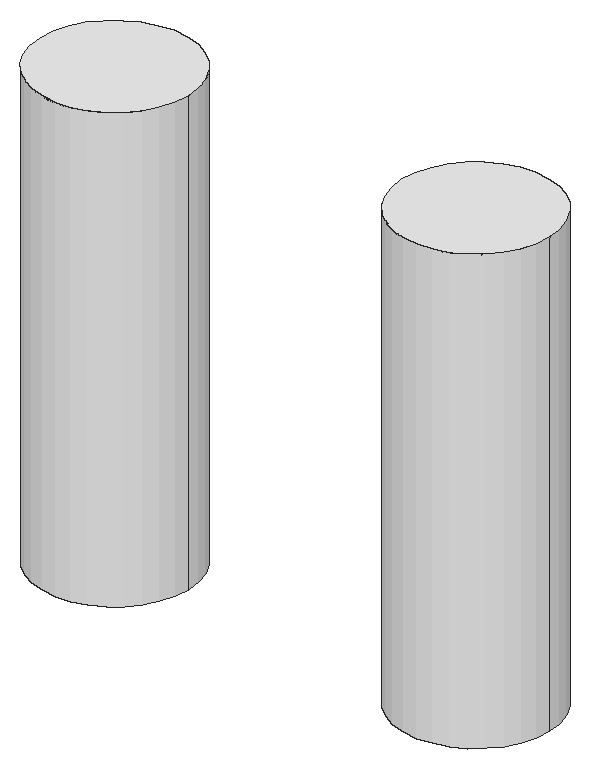
Revit family "65412000", category Plumbing Fixtures, Revit 2016
Family settings
  Part Type = Normal
  Round Connector Dimension = Use Diameter
  OmniClass Number = 23.45.55.00
  OmniClass Title = Sanitary Faucets, Wastes
  Work Plane-Based = No
  Always vertical = Yes
  Cut with Voids When Loaded = No
  Shared = No
  Room Calculation Point = No
Parameters (values of type "65412000 Washbasin faucet 230/12V")
  WorkingPressure = "100 - 1000 kPa"
  WarrantyStartDate [instance] = "n/a"
  WarrantyGuarantorParts = "n/a"
  WarrantyGuarantorLabor = "n/a"
  WarrantyDurationUnit = "Year"
  WarrantyDurationParts = "n/a"
  WarrantyDurationLabor = "n/a"
  WarrantyDescription = "http://warranty.hansa.com"
  VersionDate = "01/01/2019"  # constant formula
  Version = "2"  # constant formula
  ValvePattern = "n/a"
  ValveOperation = "n/a"
  ValveMechanism = "n/a"
  Usage Group = "Offices, personnel sanitary facilities; Schools"
  Uniclass2015Reference = "Pr_40_20_87_78"
  Uniclass2015Description = "Shower manual water supply sets"
  Uniclass2 = "Pr_40_30_96_78"
  URL DVGW = "http://static.hansa.com/DVGW/65412000"
  URL ACS = "http://static.hansa.com/ACS/65412000"
  URL = ""
  TestPressure = "n/a"
  Temperature = "Temperature regulator; Temperature limiter"
  TagNumber [instance] = "n/a"
  SustainabilityPerformance = "n/a"
  Spout Type = "Fixed spout"
  Spare Parts = "http://static.hansa.com/sp/65412000"
  Size = "69.5x134x125 mm"
  Shape = "Sculptured"
  SerialNumber [instance] = "n/a"
  Revision = "2"  # constant formula
  ReplacementCost = "n/a"
  Recognition Range = "Optimally preset"
  Protection Class = "IP 55 / transformer IP 40"
  Projection = 85 mm
  ProductInformation = "n/a"
  Product URL = "http://static.hansa.com/65412000"
  Product Image URL = "http://static.hansa.com/image/65412000"
  Product Family = "HANSAFIT"
  Product Datasheet = "http://www.hansa.com/datasheet/65412000/en"
  Product Code = "65412000"
  Pipes = "Flexible inlet pipe(s)"
  Package external Dimensions = "290 x 210 x 90"
  Package Weight = "0.9605 kg"
  OperatingMechanismMaterial = "n/a"
  Operating Voltage = 12 V
  NominalWidth = 69.5 mm
  NominalHeight = 125 mm
  NominalDepth = 135 mm
  Name_en = "65412000 Washbasin faucet 230/12V"
  Name = "65412000 Washbasin faucet 230/12V"
  NBSReference = "45-35-70/315"
  NBSDescription = "Water supply fittings for baths"
  Mounting Holes = "1 mounting hole"
  ModelReference = "65412000"
  ModelNumber = "n/a"
  Model = "65412000 Washbasin faucet 230/12V"
  Mechanical Parts = "Non-return valve(s); Litter filter(s)"
  Max. Hot Water Supply = 70 °C
  Max Flow Period = 120.0 s
  Material = "Brass"
  Market = "AUT;BEL;CZE;DEU;ESP;INT;ITA;NLD;SVK"
  ManufacturerName = "Hansa"
  Manufacturer = "Hansa"
  ManufacterURL = "http://www.hansa.com/"
  Lever Handle = "Temperature control handle"
  Intelligent After Flow Period = "2 s ± 1 s"
  InstallationDate [instance] = "n/a"
  Installation and Maintenance = "http://static.hansa.com/manual/65412000"
  Installation Type = "Deck mounted"
  InletConnectionSize = 10 mm
  IfcExportType = "FAUCET"  # constant formula
  IfcExportAs = "IfcValveType"  # constant formula
  Health Sales Arguments = "Touch-free operation. Maximum comfort, maximum hygiene."
  Grade = "n/a"
  FlowCoefficient = 0
  Flow Rate At 300kPa With Flow Controller = 0.08 L/s
  Flow Drawing URL = "http://static.hansa.com/flowchart/65412000"
  Flow = "Limitation option for maximum flow-rate"
  Finish = "Polished"
  Features = "n/a"
  FaucetMainMaterial = Brass
  FDV Document URL = "http://www.hansa.com/datasheet/65412000/en/fdv"
  Extensions = "No pop-up waste included"
  ExpectedLife = "n/a"
  Electronic Parts = "Autofocus sensor; Solenoid valve;"
  Electrical Connection = "230 / 12 V"
  EMC Directive = "2004/108/EY"
  EAN Number = "4057304000058"
  DurationUnit = "Year"
  Dimension Drawing URL = "http://static.hansa.com/dimdrw/65412000"
  Description = ""
  DefaultElevation [instance] = 900 mm
  DN Size = "DN15"
  Customs Code = "84818011"
  ConvergoRefNr = "0087-1710-0035-DE"
  Constituents = "n/a"
  Connection Size = "G3/8"
  Color = "Chrome"
  CodePerformance = "n/a"
  CloseOffRating = 0
  Class = "Plug transformer, touchless"
  Category = "Bathroom, public"
  Catalog Drawing URL = "http://static.hansa.com/catdrw/65412000"
  Brand = "Hansa"
  BodyMaterial = "Brass"
  Barcode [instance] = "n/a"
  Backflow Prevention EN1717 = "EB"
  BIMObjectName = "65412000"
  Author = "Convergo AB"  # constant formula
  AssetType = "Fixed"
  AssetIdentifier [instance] = "n/a"
  Approval DVGW = "CW-6514CN0469"
  Approval ACS = "15 ACC LY 337"
  Aerator = "CACHE integrated aerator"
  Advanced Features = "Without draw-rod opening"
  AccessibilityPerformance = "n/a"
  2D/3D/BIM Files URL = "http://static.hansa.com/bim/65412000"
Reference planes
  plane 1 "Center (Front/Back)": y = 0
  plane 2: z = 0
  plane 3 "Center (Left/Right)": x = 0
  plane 4: x = -30
  plane 5: x = 30
  plane 6: z = 1025
  plane 7: z = 900
  plane 8: z = 870
  plane 9: y = -135
  plane 10: x = 39.5
Forms (mm)
  Extrusion 1, solid, material "Brass" <- "FaucetMainMaterial"
    sketch origin (0, 0, 0) x (1, 0, 0) y (0, 1, 0)
      loop
        circle (-12.25, -27.5) r 5
      loop
        circle (12.25, -27.5) r 5
    from 870 to 900
  Extrusion 2, solid, material "Brass" <- "FaucetMainMaterial", detail levels medium
    sketch origin (0, 0, 0) x (0, 1, 0) y (0, 0, 1)
      loop
        line (0, 900) -> (-15.35, 1025) -> (-135, 987.771) -> (-104.1, 966.135) -> (-63.919, 974.771) -> (-60, 900) -> (0, 900)
    from -30 to 30
  Extrusion 3, solid, material "Brass" <- "FaucetMainMaterial", detail levels medium
    sketch origin (0, 0, 0) x (0, 1, 0) y (0, 0, 1)
      loop
        arc (-39.299, 920.025) -> (-31.49, 910.287) -> (-23.681, 920.025) r 8
        line (-23.681, 920.025) -> (-27.649, 937.85) -> (-35.332, 937.85) -> (-39.299, 920.025)
    from 30 to 39.5
  Extrusion 4, solid, material "Brass" <- "FaucetMainMaterial", detail levels coarse
    sketch origin (0, 0, 0) x (1, 0, 0) y (0, 1, 0)
      loop
        line (-30, 0) -> (-30, -135) -> (39.5, -135) -> (39.5, 0) -> (-30, 0)
    from 900 to 1025
Lines and regions (mm)
  symbolic lines, detail levels medium+fine
    curve 1: spline (13.943, -128.56, 0) -> (12.274, -130.409, 0) -> (10.26, -131.998, 0) -> (7.958, -133.284, 0) -> (5.433, -134.228, 0) -> (2.755, -134.806, 0) -> (0, -135, 0) -> (-2.755, -134.806, 0) -> (-5.433, -134.228, 0) -> (-7.958, -133.284, 0) -> (-10.26, -131.998, 0) -> (-12.274, -130.409, 0) -> (-13.943, -128.56, 0)
    curve 3: line (16.878, -121.158, 0) -> (22.087, -50.302, 0)
    curve 5: spline (16.878, -121.158, 0) -> (16.857, -121.813, 0) -> (16.794, -122.466, 0) -> (16.69, -123.116, 0) -> (16.543, -123.762, 0) -> (16.356, -124.4, 0) -> (16.128, -125.031, 0) -> (15.859, -125.652, 0) -> (15.552, -126.262, 0) -> (15.205, -126.859, 0) -> (14.821, -127.442, 0) -> (14.4, -128.009, 0) -> (13.943, -128.56, 0)
    curve 6: line (-22.087, -50.302, 0) -> (-16.878, -121.158, 0)
    curve 8: arc (22.087, -50.302, 0) -> (25.85, -45.224, 0) -> (28.466, -39.471, 0) r 30
    curve 9: spline (-13.943, -128.56, 0) -> (-14.4, -128.009, 0) -> (-14.821, -127.442, 0) -> (-15.205, -126.859, 0) -> (-15.552, -126.262, 0) -> (-15.859, -125.652, 0) -> (-16.128, -125.031, 0) -> (-16.356, -124.4, 0) -> (-16.543, -123.762, 0) -> (-16.69, -123.116, 0) -> (-16.794, -122.466, 0) -> (-16.857, -121.813, 0) -> (-16.878, -121.158, 0)
    curve 12: line (35.255, -39.471, 0) -> (28.466, -39.471, 0)
    curve 14: arc (29.281, -23.471, 0) -> (-13.889, -3.409, 0) -> (-22.087, -50.302, 0) r 30
    curve 16: spline (35.255, -39.471, 0) -> (36.353, -39.198, 0) -> (37.377, -38.399, 0) -> (38.257, -37.128, 0) -> (38.931, -35.471, 0) -> (39.355, -33.541, 0) -> (39.5, -31.471, 0) -> (39.355, -29.4, 0) -> (38.931, -27.471, 0) -> (38.257, -25.814, 0) -> (37.377, -24.543, 0) -> (36.353, -23.743, 0) -> (35.255, -23.471, 0)
    curve 18: line (29.281, -23.471, 0) -> (35.255, -23.471, 0)
    curve 19: line (-30, 0, 900) -> (30, 0, 900)
    curve 20: line (30, 0, 900) -> (29.204, 0, 910.488)
    curve 21: line (-22.5, 0, 998.82) -> (-30, 0, 900)
    curve 22: spline (22.5, 0, 998.82) -> (21.733, 0, 1005.596) -> (19.486, 0, 1011.91) -> (15.91, 0, 1017.332) -> (11.25, 0, 1021.493) -> (5.823, 0, 1024.108) -> (0, 0, 1025) -> (-5.823, 0, 1024.108) -> (-11.25, 0, 1021.493) -> (-15.91, 0, 1017.332) -> (-19.486, 0, 1011.91) -> (-21.733, 0, 1005.596) -> (-22.5, 0, 998.82)
    curve 23: line (29.204, 0, 910.488) -> (37.5, 0, 910.488)
    curve 24: line (39.5, 0, 912.488) -> (39.5, 0, 937.221)
    curve 25: line (35.544, 0, 936.534) -> (32.425, 0, 926.331)
    curve 26: line (28.002, 0, 926.331) -> (32.425, 0, 926.331)
    curve 27: line (28.002, 0, 926.331) -> (22.5, 0, 998.82)
    curve 28: arc (37.5, 0, 910.488) -> (38.914, 0, 911.074) -> (39.5, 0, 912.488) r 2
    curve 29: arc (36.151, 0, 937.251) -> (35.774, 0, 936.955) -> (35.544, 0, 936.534) r 1.19
    curve 30: arc (38.767, 0, 937.924) -> (37.423, 0, 937.726) -> (36.151, 0, 937.251) r 6.452
    curve 31: arc (39.5, 0, 937.221) -> (39.284, 0, 937.729) -> (38.767, 0, 937.924) r 0.704
    curve 41: line (0, -0.016, 900) -> (0, -60, 900)
    curve 42: line (0, -60, 900) -> (0, -60.746, 914.227)
    curve 43: line (0, -71.326, 973.179) -> (0, -105.096, 965.921)
    curve 44: line (0, -134.147, 985.872) -> (0, -105.88, 966.079)
    curve 45: line (0, -133.586, 989.423) -> (0, -17.632, 1024.95)
    curve 46: line (0, -15.06, 1023.28) -> (0, -0.016, 900)
    curve 47: arc (0, -63.528, 967.325) -> (0, -66.059, 972.075) -> (0, -71.326, 973.179) r 6.354
    curve 48: arc (0, -134.147, 985.872) -> (0, -134.975, 987.823) -> (0, -133.586, 989.423) r 2
    curve 49: arc (0, -105.096, 965.921) -> (0, -105.504, 965.918) -> (0, -105.88, 966.079) r 1
    curve 50: arc (0, -17.632, 1024.95) -> (0, -15.956, 1024.715) -> (0, -15.06, 1023.28) r 2
    curve 51: arc (0, -62.05, 939.118) -> (0, -63.158, 935.556) -> (0, -61.684, 932.128) r 5.385
    curve 52: arc (0, -61.112, 921.218) -> (0, -62.215, 917.655) -> (0, -60.746, 914.227) r 5.4
    curve 53: line (0, -61.112, 921.218) -> (0, -61.684, 932.128)
    curve 55: line (0, -62.05, 939.118) -> (0, -63.528, 967.325)
  symbolic lines, detail levels fine
    curve 2: line (-22.477, -44.998, 0) -> (-22.087, -50.302, 0)
    curve 4: spline (22.477, -44.998, 0) -> (21.711, -38.01, 0) -> (19.465, -31.498, 0) -> (15.893, -25.906, 0) -> (11.238, -21.615, 0) -> (5.817, -18.918, 0) -> (0, -17.998, 0) -> (-5.817, -18.918, 0) -> (-11.238, -21.615, 0) -> (-15.893, -25.906, 0) -> (-19.465, -31.498, 0) -> (-21.711, -38.01, 0) -> (-22.477, -44.998, 0)
    curve 7: line (22.087, -50.302, 0) -> (22.477, -44.998, 0)
    curve 10: spline (13.943, -128.56, 0) -> (12.226, -130.213, 0) -> (10.189, -131.629, 0) -> (7.885, -132.771, 0) -> (5.374, -133.609, 0) -> (2.723, -134.12, 0) -> (0, -134.292, 0) -> (-2.723, -134.12, 0) -> (-5.374, -133.609, 0) -> (-7.885, -132.771, 0) -> (-10.189, -131.629, 0) -> (-12.226, -130.213, 0) -> (-13.943, -128.56, 0)
    curve 11: line (27.518, -23.471, 0) -> (29.281, -23.471, 0)
    curve 13: arc (27.518, -23.471, 0) -> (28.244, -31.471, 0) -> (27.518, -39.471, 0) r 44.424
    curve 15: spline (35.255, -23.471, 0) -> (34.156, -23.743, 0) -> (33.132, -24.543, 0) -> (32.253, -25.814, 0) -> (31.578, -27.471, 0) -> (31.154, -29.4, 0) -> (31.009, -31.471, 0) -> (31.154, -33.541, 0) -> (31.578, -35.471, 0) -> (32.253, -37.128, 0) -> (33.132, -38.399, 0) -> (34.156, -39.198, 0) -> (35.255, -39.471, 0)
    curve 17: line (28.466, -39.471, 0) -> (27.518, -39.471, 0)
    curve 32: arc (28.002, 0, 926.331) -> (27.645, 0, 918.337) -> (29.204, 0, 910.488) r 33.318
    curve 33: circle (0, 0, 935.757) r 3.5 normal (0, -1, 0)
    curve 34: circle (0, 0, 917.806) r 3.5 normal (0, -1, 0)
    curve 35: spline (17.5, 0, 977.391) -> (16.904, 0, 980.471) -> (15.155, 0, 983.341) -> (12.374, 0, 985.806) -> (8.75, 0, 987.698) -> (4.529, 0, 988.886) -> (0, 0, 989.292) -> (-4.529, 0, 988.886) -> (-8.75, 0, 987.698) -> (-12.374, 0, 985.806) -> (-15.155, 0, 983.341) -> (-16.904, 0, 980.471) -> (-17.5, 0, 977.391) -> (-16.904, 0, 974.31) -> (-15.155, 0, 971.44) -> (-12.374, 0, 968.975) -> (-8.75, 0, 967.084) -> (-4.529, 0, 965.895) -> (0, 0, 965.489) -> (4.529, 0, 965.895) -> (8.75, 0, 967.084) -> (12.374, 0, 968.975) -> (15.155, 0, 971.44) -> (16.904, 0, 974.31) -> (17.5, 0, 977.391)
    curve 36: spline (16.04, 0, 977.391) -> (15.493, 0, 979.979) -> (13.891, 0, 982.391) -> (11.342, 0, 984.462) -> (8.02, 0, 986.051) -> (4.151, 0, 987.05) -> (0, 0, 987.391) -> (-4.151, 0, 987.05) -> (-8.02, 0, 986.051) -> (-11.342, 0, 984.462) -> (-13.891, 0, 982.391) -> (-15.493, 0, 979.979) -> (-16.04, 0, 977.391) -> (-15.493, 0, 974.802) -> (-13.891, 0, 972.391) -> (-11.342, 0, 970.319) -> (-8.02, 0, 968.73) -> (-4.151, 0, 967.731) -> (0, 0, 967.391) -> (4.151, 0, 967.731) -> (8.02, 0, 968.73) -> (11.342, 0, 970.319) -> (13.891, 0, 972.391) -> (15.493, 0, 974.802) -> (16.04, 0, 977.391)
    curve 37: spline (10.857, 0, 975.766) -> (10.487, 0, 977.3) -> (9.403, 0, 978.73) -> (7.677, 0, 979.958) -> (5.429, 0, 980.9) -> (2.81, 0, 981.492) -> (0, 0, 981.694) -> (-2.81, 0, 981.492) -> (-5.429, 0, 980.9) -> (-7.677, 0, 979.958) -> (-9.403, 0, 978.73) -> (-10.487, 0, 977.3) -> (-10.857, 0, 975.766) -> (-10.487, 0, 974.231) -> (-9.403, 0, 972.801) -> (-7.677, 0, 971.573) -> (-5.429, 0, 970.631) -> (-2.81, 0, 970.039) -> (0, 0, 969.837) -> (2.81, 0, 970.039) -> (5.429, 0, 970.631) -> (7.677, 0, 971.573) -> (9.403, 0, 972.801) -> (10.487, 0, 974.231) -> (10.857, 0, 975.766)
    curve 38: spline (7.476, 0, 975.766) -> (7.221, 0, 976.868) -> (6.474, 0, 977.896) -> (5.286, 0, 978.778) -> (3.738, 0, 979.455) -> (1.935, 0, 979.88) -> (0, 0, 980.026) -> (-1.935, 0, 979.88) -> (-3.738, 0, 979.455) -> (-5.286, 0, 978.778) -> (-6.474, 0, 977.896) -> (-7.221, 0, 976.868) -> (-7.476, 0, 975.766) -> (-7.221, 0, 974.663) -> (-6.474, 0, 973.636) -> (-5.286, 0, 972.753) -> (-3.738, 0, 972.076) -> (-1.935, 0, 971.651) -> (0, 0, 971.506) -> (1.935, 0, 971.651) -> (3.738, 0, 972.076) -> (5.286, 0, 972.753) -> (6.474, 0, 973.636) -> (7.221, 0, 974.663) -> (7.476, 0, 975.766)
    curve 39: line (-22.5, 0, 998.82) -> (-17.5, 0, 977.391)
    curve 40: line (22.5, 0, 998.82) -> (17.5, 0, 977.391)
    curve 54: line (0, -60.746, 914.227) -> (0, -61.112, 921.218)
    curve 56: line (0, -61.684, 932.128) -> (0, -62.05, 939.118)
Dimensions and locks
  equal spacing: plane 4, plane 3 "Center (Left/Right)", plane 5
  "NominalHeight": plane 6 to plane 7
  "DefaultElevation": plane 7 to level
  locked: plane 7 to plane 8 at 30
  "NominalDepth": plane 9 to plane 1 "Center (Front/Back)"
  locked: plane 5 to plane 10 at 9.5
  "NominalWidth": plane 4 to plane 10
  "InletConnectionSize": diameter of Extrusion 1 sketch curve  (x2)
  aligned and locked: level to plane 2
  aligned and locked: plane 7 to Extrusion 1
  aligned and locked: Extrusion 1 to plane 8
  aligned and locked: plane 7 to import instance
  aligned and locked: Extrusion 2 to plane 4
  aligned and locked: plane 5 to Extrusion 2
  aligned and locked: plane 10 to Extrusion 3
  aligned and locked: Extrusion 3 to plane 5
  aligned and locked: plane 6 to Extrusion 4
  aligned and locked: Extrusion 4 to plane 7
Automatic sketch dimensions
  curve 8 to curve 14 = 0 mm  (x2)
  curve 4 to plane 3 "Center (Left/Right)" = 0 mm
  curve 5 to plane 3 "Center (Left/Right)" = 0 mm
  curve 9 to plane 3 "Center (Left/Right)" = 0 mm
  curve 8 to plane 3 "Center (Left/Right)" = 0 mm
  curve 1 to plane 3 "Center (Left/Right)" = 0 mm
  curve 10 to plane 3 "Center (Left/Right)" = 0 mm
  plane 4 to curve 13 = 13.82 mm
  plane 4 to curve 6 = 13.122 mm
  plane 4 to curve 2 = 7.913 mm
  curve 2 to curve 14 = 0.39 mm
  curve 3 to curve 9 = 0 mm
  curve 7 to curve 4 = 0.39 mm
  curve 17 to plane 5 = 2.482 mm
  curve 11 to plane 5 = 2.482 mm
  curve 3 to plane 9 = 13.842 mm
  curve 6 to plane 9 = 13.842 mm
  plane 1 "Center (Front/Back)" to curve 6 = 50.302 mm
  curve 2 to curve 3 = 0 mm
  curve 14 to curve 2 = 5.304 mm
  curve 4 to curve 17 = 5.527 mm
  curve 4 to curve 8 = 14.998 mm
  curve 1 to plane 9 = 6.44 mm
  curve 6 to curve 1 = 2.935 mm
  curve 1 to curve 3 = 0.378 mm
  curve 10 to curve 9 = 0 mm  (x2)
  curve 15 to plane 10 = 4.245 mm
  curve 1 to curve 3 = 0 mm
  curve 15 to curve 15 = 8 mm
  curve 18 to plane 10 = 4.245 mm
  curve 16 to curve 15 = 0 mm
  curve 19 to plane 4 = 0 mm
  curve 38 to plane 3 "Center (Left/Right)" = 0 mm
  curve 33 to plane 3 "Center (Left/Right)" = 0 mm
  curve 22 to plane 3 "Center (Left/Right)" = 0 mm
  curve 34 to plane 3 "Center (Left/Right)" = 0 mm
  curve 37 to plane 3 "Center (Left/Right)" = 0 mm
  curve 35 to plane 3 "Center (Left/Right)" = 0 mm
  curve 36 to plane 3 "Center (Left/Right)" = 0 mm
  curve 20 to plane 5 = 0 mm
  curve 24 to plane 10 = 0 mm
  curve 19 to plane 7 = 0 mm
  plane 4 to curve 21 = 7.5 mm
  curve 27 to plane 5 = 1.998 mm
  curve 20 to plane 5 = 0.796 mm
  plane 5 to curve 26 = 2.425 mm
  curve 25 to plane 10 = 3.956 mm
  curve 29 to curve 29 = 1.138 mm
  curve 28 to curve 28 = 2 mm
  curve 31 to curve 31 = 0.704 mm
  curve 30 to plane 10 = 0.469 mm
  plane 10 to curve 32 = 21.368 mm
  plane 7 to curve 23 = 10.488 mm
  plane 7 to curve 34 = 17.806 mm
  plane 7 to curve 32 = 20.858 mm
  curve 25 to curve 30 = 5.147 mm
  curve 34 to curve 33 = 17.951 mm
  curve 30 to curve 29 = 4.708 mm
  curve 29 to curve 25 = 0.348 mm
  curve 29 to curve 24 = 1.035 mm
  curve 39 to plane 6 = 26.18 mm
  plane 4 to curve 39 = 12.5 mm
  curve 37 to curve 38 = 7.476 mm
  curve 38 to curve 37 = 3.382 mm
  curve 36 to curve 35 = 1.46 mm
  curve 30 to curve 29 = 0 mm
  curve 38 to curve 22 = 23.055 mm
  curve 37 to curve 38 = 0 mm
  curve 37 to curve 39 = 1.625 mm
  curve 37 to curve 36 = 1.625 mm
  curve 35 to curve 36 = 0 mm
  curve 40 to curve 35 = 0 mm
  curve 42 to plane 7 = 0 mm
  curve 44 to plane 9 = 0.853 mm
  curve 45 to plane 9 = 1.414 mm
  curve 45 to curve 48 = 0.586 mm
  curve 44 to plane 9 = 29.12 mm
  curve 49 to curve 49 = 0.574 mm
  curve 49 to curve 43 = 0.784 mm
  curve 43 to curve 43 = 33.77 mm
  curve 47 to curve 47 = 1.452 mm
  curve 47 to curve 55 = 6.346 mm
  plane 1 "Center (Front/Back)" to curve 42 = 60 mm
  curve 55 to curve 51 = 5.749 mm
  curve 51 to curve 52 = 0.957 mm
  curve 45 to plane 6 = 0.05 mm
  plane 1 "Center (Front/Back)" to curve 45 = 17.632 mm
  curve 45 to curve 50 = 0.586 mm
  curve 46 to plane 6 = 1.72 mm
  curve 50 to curve 46 = 1.985 mm
  plane 1 "Center (Front/Back)" to curve 46 = 0.016 mm
  plane 7 to curve 52 = 17.938 mm
  curve 52 to curve 51 = 17.9 mm
  curve 51 to curve 43 = 30.083 mm
  curve 49 to curve 44 = 0.159 mm
  curve 51 to curve 47 = 31.155 mm
  curve 47 to curve 55 = 0.333 mm
  curve 44 to curve 44 = 19.793 mm
  curve 48 to curve 48 = 1.638 mm
  curve 51 to curve 51 = 4.27 mm
  curve 52 to curve 52 = 4.29 mm
  curve 52 to curve 54 = 3.28 mm
  plane 7 to curve 42 = 14.227 mm
  curve 51 to curve 55 = 3.281 mm
  plane 7 to curve 53 = 32.128 mm
  plane 7 to Extrusion 3 sketch curve = 20.025 mm  (x2)
  plane 1 "Center (Front/Back)" to Extrusion 3 sketch curve = 39.299 mm
  Extrusion 3 sketch curve to Extrusion 3 sketch curve = 7.684 mm
  Extrusion 3 sketch curve to Extrusion 3 sketch curve = 1.738 mm
  Extrusion 3 sketch curve to Extrusion 3 sketch curve = 3.967 mm
  Extrusion 3 sketch curve to Extrusion 3 sketch curve = 7.809 mm
  Extrusion 3 sketch curve to Extrusion 3 sketch curve = 17.825 mm
  Extrusion 2 sketch curve to plane 9 = 0 mm
  Extrusion 2 sketch curve to plane 6 = 0 mm
  Extrusion 2 sketch curve to plane 1 "Center (Front/Back)" = 0 mm
  Extrusion 2 sketch curve to plane 7 = 0 mm
  Extrusion 2 sketch curve to plane 9 = 30.9 mm
  Extrusion 2 sketch curve to Extrusion 2 sketch curve = 40.181 mm
  plane 1 "Center (Front/Back)" to Extrusion 2 sketch curve = 60 mm
  Extrusion 2 sketch curve to plane 6 = 58.865 mm
  Extrusion 2 sketch curve to Extrusion 2 sketch curve = 8.636 mm
  Extrusion 2 sketch curve to plane 6 = 37.229 mm
  plane 1 "Center (Front/Back)" to Extrusion 2 sketch curve = 15.35 mm
  Extrusion 4 sketch curve to plane 4 = 0 mm
  plane 9 to Extrusion 4 sketch curve = 0 mm
  Extrusion 4 sketch curve to plane 10 = 0 mm
  plane 1 "Center (Front/Back)" to Extrusion 4 sketch curve = 0 mm
  Extrusion 1 sketch curve to plane 3 "Center (Left/Right)" = 12.25 mm
  plane 3 "Center (Left/Right)" to Extrusion 1 sketch curve = 12.25 mm
  plane 1 "Center (Front/Back)" to Extrusion 1 sketch curve = 27.5 mm
  Extrusion 1 sketch curve to Extrusion 1 sketch curve = 0 mm
  radius of curve 33 = 3.5 mm
  radius of curve 34 = 3.5 mm
Nested families
  nested 1: "Symbol" at (0, 0, 0), type "Symbol", detail levels coarse
Connectors
  piping at (-12.25, -27.5, 870), diameter 10, driven by "InletConnectionSize", driven by "Flow Rate At 300kPa With Flow Controller"
    settings: on Extrusion 1, index 1, connector inside diameter 609.6 mm, connector length 0 mm, flow factor 0, pipe flow 0.08 L/s, pressure drop 0.0 Pa, fitting loss kfactor 0, connector angle 0.00°, fixture units 0, engagement length 0 mm, angle of deflection 0.00°, flow configuration 1, flow direction 1, fitting loss method 0, system type 19, joint type 0, gender type 0, connector reference index -1, connector utility 0, adjustable connector no, is connector primary yes, connector description ""
  piping at (12.25, -27.5, 870), diameter 10, driven by "InletConnectionSize", driven by "Flow Rate At 300kPa With Flow Controller"
    settings: on Extrusion 1, index 2, connector inside diameter 609.6 mm, connector length 0 mm, flow factor 0, pipe flow 0.08 L/s, pressure drop 0.0 Pa, fitting loss kfactor 0, connector angle 0.00°, fixture units 0, engagement length 0 mm, angle of deflection 0.00°, flow configuration 1, flow direction 1, fitting loss method 0, system type 20, joint type 0, gender type 0, connector reference index -1, connector utility 0, adjustable connector no, is connector primary no, connector description ""
  electrical at (0, -29.968, 900), driven by "Operating Voltage"
    settings: on import instance, index 3, voltage 12 V, apparent load 0 VA, apparent load phase1 0 VA, apparent load phase2 0 VA, apparent load phase3 0 VA, power factor 1, load classification "Other", number of poles 1, system type 31, power factor state 1, is connector primary yes, connector utility no, sub classification motor no, connector description ""
Definition of nested family "Symbol"
  Reference planes
    plane 1: y = 0
    plane 2: x = 0
  Lines and regions (mm)
    detail lines
      curve 1: line (0, 0, 0) -> (0, -1.8, 0)
      curve 2: line (-0.4, -1.1, 0) -> (0.4, -1.1, 0)
      curve 3: line (-0.4, -1.4, 0) -> (0.4, -1.4, 0)
      curve 4: line (0.863, 0, 0) -> (-0.863, 0, 0)
      curve 5: circle (-1.163, 0, 0) r 0.3 normal (0, 0, -1)
      curve 6: circle (1.163, 0, 0) r 0.3 normal (0, 0, 1)
